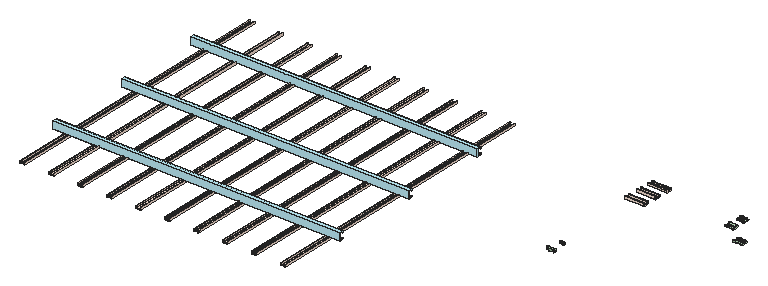
Revit family "ソエルWカバー(C75)", category 機械設備, Revit 2020
Family settings
  丸型コネクタ寸法 = 直径を使用
  種別 = なし
  パーツ タイプ = 標準
  作業面ベース = いいえ
  常に垂直 = はい
  ロード時にボイドで切り取り = いいえ
  共有 = いいえ
  部屋計算ポイント = いいえ
Parameters
  製造元 = "株式会社桐井製作所"
  既定の高さ = 0 mm
  URL = "https://www.kirii.co.jp/"
  K_名称 = "ソエルWカバー（C75）"
  K_バージョン情報 = "20231221"
Reference planes
  plane 1 "中心(正面/背面)": y = 0
  plane 2: z = 0
  plane 3 "中心(左/右)": x = 0
  plane 4: z = 19
Lines and regions (mm)
  model lines
    curve 1: line (3467.807, 3284.555, 0) -> (5717.807, 3284.555, 0)
    curve 2: line (5717.807, 2254.555, 0) -> (3467.807, 2254.555, 0)
    curve 3: line (3467.807, 3284.555, 0) -> (3467.807, 2254.555, 0)
    curve 4: line (3467.807, 2054.555, 0) -> (5217.807, 2054.555, 0)
    curve 5: line (5217.807, 1024.555, 0) -> (3467.807, 1024.555, 0)
    curve 6: line (3467.807, 2054.555, 0) -> (3467.807, 1024.555, 0)
    curve 7: line (5217.807, 2054.555, 0) -> (5217.807, 1024.555, 0)
    curve 8: line (5717.807, 3284.555, 0) -> (5717.807, 2254.555, 0)
    curve 9: line (5417.807, 2054.555, 0) -> (7167.807, 2054.555, 0)
    curve 10: line (7167.807, 1024.555, 0) -> (5417.807, 1024.555, 0)
    curve 11: line (5417.807, 2054.555, 0) -> (5417.807, 1024.555, 0)
    curve 12: line (7167.807, 2054.555, 0) -> (7167.807, 1024.555, 0)
Text (mm)
  text "ソエルWカバー(支持構造部:C75×45×15×2.3）" at (-488.376, 3567.466, 0), in view "{3D}"
  text "野縁および使用するジョイント" at (3607.293, 3147.828, 0), in view "{3D}"
  text "クリップ補強" at (3607.293, 1917.828, 0), in view "{3D}"
  text "・特殊15ｍｍクリップ" at (3707.619, 1735.328, 0), in view "{3D}"
  text "※「KIRII軽量下地材構造検討書集（ソエルWカバー）」の計算結果を参照し、天井仕様に反映下さい。" at (-488.376, 3427.466, 0), in view "{3D}"
  text "・ソエルWカバー" at (3707.619, 1584.078, 0), in view "{3D}"
  text "セルフドリリングビス" at (5557.293, 1917.828, 0), in view "{3D}"
  text "・KIRII耐震ビス\n（4.2×16)" at (5657.619, 1735.328, 0), in view "{3D}"
  text "・KIRI耐震ビス\n（4.8×25)" at (5657.619, 1370.328, 0), in view "{3D}"
  text "隣り合うジョイント位置は1ｍ以上離して千鳥状に配置する。" at (3707.619, 2345.395, -6.85), in view "{3D}"
  text "・CW-25" at (3707.619, 2804.31, -6.85), in view "{3D}"
  text "・CW-19" at (3707.619, 2954.31, -6.85), in view "{3D}"
  text "・25型Wバー（0.8）" at (3707.619, 2653.06, -6.85), in view "{3D}"
  text "+CW-25用ジョイント" at (4627.619, 2804.31, -6.85), in view "{3D}"
  text "+CW-19用ジョイント" at (4627.619, 2954.31, -6.85), in view "{3D}"
  text "+25型Wバー（0.8）ジョイント" at (4627.619, 2653.06, -6.85), in view "{3D}"
  text "ジョイント等の施工規定については、施工要領書をご確認下さい。\n●URL：ソエルWカバー\nhttps://www.kirii.co.jp/download/dw/sekou/sekou_soeru.pdf" at (5856.265, -594.786, -2970.01), in view "{3D}"
Dimensions and locks
  aligned and locked: level to plane 2
Nested families
  nested 1: "ソエルWカバー" at (25, 2427.754, 1.25) x (-1, 0, 0) z (0, 0, 1), type "ソエルWカバー"
  nested 2: "ソエルWカバー" at (328, 2427.754, 1.25) x (-1, 0, 0) z (0, 0, 1), type "ソエルWカバー"
  nested 3: "ソエルWカバー" at (631, 2427.754, 1.25) x (-1, 0, 0) z (0, 0, 1), type "ソエルWカバー"
  nested 4: "ソエルWカバー" at (934, 2427.754, 1.25) x (-1, 0, 0) z (0, 0, 1), type "ソエルWカバー"
  nested 5: "ソエルWカバー" at (1237, 2427.754, 1.25) x (-1, 0, 0) z (0, 0, 1), type "ソエルWカバー"
  nested 6: "ソエルWカバー" at (1540, 2427.754, 1.25) x (-1, 0, 0) z (0, 0, 1), type "ソエルWカバー"
  nested 7: "ソエルWカバー" at (1843, 2427.754, 1.25) x (-1, 0, 0) z (0, 0, 1), type "ソエルWカバー"
  nested 8: "ソエルWカバー" at (2146, 2427.754, 1.25) x (-1, 0, 0) z (0, 0, 1), type "ソエルWカバー"
  nested 9: "ソエルWカバー" at (2449, 2427.754, 1.25) x (-1, 0, 0) z (0, 0, 1), type "ソエルWカバー"
  nested 10: "ソエルWカバー" at (2752, 2427.754, 1.25) x (-1, 0, 0) z (0, 0, 1), type "ソエルWカバー"
  nested 11: "ソエルWカバー" at (25, 1527.754, 1.25) x (-1, 0, 0) z (0, 0, 1), type "ソエルWカバー"
  nested 12: "ソエルWカバー" at (328, 1527.754, 1.25) x (-1, 0, 0) z (0, 0, 1), type "ソエルWカバー"
  nested 13: "ソエルWカバー" at (631, 1527.754, 1.25) x (-1, 0, 0) z (0, 0, 1), type "ソエルWカバー"
  nested 14: "ソエルWカバー" at (934, 1527.754, 1.25) x (-1, 0, 0) z (0, 0, 1), type "ソエルWカバー"
  nested 15: "ソエルWカバー" at (1237, 1527.754, 1.25) x (-1, 0, 0) z (0, 0, 1), type "ソエルWカバー"
  nested 16: "ソエルWカバー" at (1540, 1527.754, 1.25) x (-1, 0, 0) z (0, 0, 1), type "ソエルWカバー"
  nested 17: "ソエルWカバー" at (1843, 1527.754, 1.25) x (-1, 0, 0) z (0, 0, 1), type "ソエルWカバー"
  nested 18: "ソエルWカバー" at (2146, 1527.754, 1.25) x (-1, 0, 0) z (0, 0, 1), type "ソエルWカバー"
  nested 19: "ソエルWカバー" at (2449, 1527.754, 1.25) x (-1, 0, 0) z (0, 0, 1), type "ソエルWカバー"
  nested 20: "ソエルWカバー" at (2752, 1527.754, 1.25) x (-1, 0, 0) z (0, 0, 1), type "ソエルWカバー"
  nested 21: "ソエルWカバー" at (25, 628.254, 1.25) x (-1, 0, 0) z (0, 0, 1), type "ソエルWカバー"
  nested 22: "ソエルWカバー" at (328, 628.254, 1.25) x (-1, 0, 0) z (0, 0, 1), type "ソエルWカバー"
  nested 23: "ソエルWカバー" at (631, 628.254, 1.25) x (-1, 0, 0) z (0, 0, 1), type "ソエルWカバー"
  nested 24: "ソエルWカバー" at (934, 628.254, 1.25) x (-1, 0, 0) z (0, 0, 1), type "ソエルWカバー"
  nested 25: "ソエルWカバー" at (1237, 628.254, 1.25) x (-1, 0, 0) z (0, 0, 1), type "ソエルWカバー"
  nested 26: "ソエルWカバー" at (1540, 628.254, 1.25) x (-1, 0, 0) z (0, 0, 1), type "ソエルWカバー"
  nested 27: "ソエルWカバー" at (1843, 628.254, 1.25) x (-1, 0, 0) z (0, 0, 1), type "ソエルWカバー"
  nested 28: "ソエルWカバー" at (2146, 628.254, 1.25) x (-1, 0, 0) z (0, 0, 1), type "ソエルWカバー"
  nested 29: "ソエルWカバー" at (2449, 628.254, 1.25) x (-1, 0, 0) z (0, 0, 1), type "ソエルWカバー"
  nested 30: "ソエルWカバー" at (2752, 628.254, 1.25) x (-1, 0, 0) z (0, 0, 1), type "ソエルWカバー"
  nested 31: "ソエルWカバー" at (4323.345, 1542.909, 1.25) x (-1, 0, 0) z (0, 0, 1), type "ソエルWカバー"
  nested 32: "CW-19用ジョイント" at (5227.658, 2913.211, 0), type "CW-19用ジョイント"
    with K_JIS外 no, K_JIS yes
  nested 33: "CW-25用ジョイント" at (5228.587, 2764.406, 0), type "CW-25用ジョイント"
    with K_JIS外 no, K_JIS yes
  nested 34: "CW-19" at (2752, 0, -19) x (0, 1, 0) z (0, 0, 1), type "CW-19"
    with K_長さ(mm) 3000 mm, K_JIS外 no, K_JIS yes
  nested 35: "CW-19" at (2449, 0, -19) x (0, 1, 0) z (0, 0, 1), type "CW-19"
    with K_長さ(mm) 3000 mm, K_JIS外 no, K_JIS yes
  nested 36: "CW-19" at (2146, 0, -19) x (0, 1, 0) z (0, 0, 1), type "CW-19"
    with K_長さ(mm) 3000 mm, K_JIS外 no, K_JIS yes
  nested 37: "CW-19" at (1843, 0, -19) x (0, 1, 0) z (0, 0, 1), type "CW-19"
    with K_長さ(mm) 3000 mm, K_JIS外 no, K_JIS yes
  nested 38: "CW-19" at (1540, 0, -19) x (0, 1, 0) z (0, 0, 1), type "CW-19"
    with K_長さ(mm) 3000 mm, K_JIS外 no, K_JIS yes
  nested 39: "CW-19" at (1237, 0, -19) x (0, 1, 0) z (0, 0, 1), type "CW-19"
    with K_長さ(mm) 3000 mm, K_JIS外 no, K_JIS yes
  nested 40: "CW-19" at (934, 0, -19) x (0, 1, 0) z (0, 0, 1), type "CW-19"
    with K_長さ(mm) 3000 mm, K_JIS外 no, K_JIS yes
  nested 41: "CW-19" at (631, 0, -19) x (0, 1, 0) z (0, 0, 1), type "CW-19"
    with K_長さ(mm) 3000 mm, K_JIS外 no, K_JIS yes
  nested 42: "CW-19" at (328, 0, -19) x (0, 1, 0) z (0, 0, 1), type "CW-19"
    with K_長さ(mm) 3000 mm, K_JIS外 no, K_JIS yes
  nested 43: "CW-19" at (25, 0, -19) x (0, 1, 0) z (0, 0, 1), type "CW-19"
    with K_長さ(mm) 3000 mm, K_JIS外 no, K_JIS yes
  nested 44: "CW-19" at (4262.587, 2912.277, 0), type "CW-19"
    with K_長さ(mm) 200 mm, K_JIS外 no, K_JIS yes
  nested 45: "CW-25" at (4262.587, 2764.406, 0), type "CW-25"
    with K_長さ(mm) 200 mm, K_JIS外 no, K_JIS yes
  nested 46: "25形Wバー(0.8)" at (4257.807, 2614.555, 0), type "25形Wバー(0.8)"
    with K_長さ(mm) 200 mm
  nested 47: "25形Wバー(0.8）ジョイント" at (5437.807, 2609.555, 0), type "25形Wバー(0.8）ジョイント"
  nested 48: "特殊15mmWクリップ" at (25, 2425.462, -8) x (-1, 0, 0) z (0, 0, 1), type "特殊15mmWクリップ"
  nested 49: "(JIS)75×45×15×2.3" at (-121, 2379.75, 0) x (0, 1, 0) z (1, 0, 0), type "(JIS)75×45×15×2.3"
    with K_長さ(mm) 3000 mm
  nested 50: "(JIS)75×45×15×2.3" at (-121, 1479.75, 0) x (0, 1, 0) z (1, 0, 0), type "(JIS)75×45×15×2.3"
    with K_長さ(mm) 3000 mm
  nested 51: "(JIS)75×45×15×2.3" at (-121, 580.25, 0) x (0, 1, 0) z (1, 0, 0), type "(JIS)75×45×15×2.3"
    with K_長さ(mm) 3000 mm
  nested 52: "特殊15mmWクリップ" at (328, 2425.462, -8) x (-1, 0, 0) z (0, 0, 1), type "特殊15mmWクリップ"
  nested 53: "特殊15mmWクリップ" at (328, 2425.462, -8) x (-1, 0, 0) z (0, 0, 1), type "特殊15mmWクリップ"
  nested 54: "特殊15mmWクリップ" at (631, 2425.462, -8) x (-1, 0, 0) z (0, 0, 1), type "特殊15mmWクリップ"
  nested 55: "特殊15mmWクリップ" at (934, 2425.462, -8) x (-1, 0, 0) z (0, 0, 1), type "特殊15mmWクリップ"
  nested 56: "特殊15mmWクリップ" at (1237, 2425.462, -8) x (-1, 0, 0) z (0, 0, 1), type "特殊15mmWクリップ"
  nested 57: "特殊15mmWクリップ" at (1540, 2425.462, -8) x (-1, 0, 0) z (0, 0, 1), type "特殊15mmWクリップ"
  nested 58: "特殊15mmWクリップ" at (1843, 2425.462, -8) x (-1, 0, 0) z (0, 0, 1), type "特殊15mmWクリップ"
  nested 59: "特殊15mmWクリップ" at (2146, 2425.462, -8) x (-1, 0, 0) z (0, 0, 1), type "特殊15mmWクリップ"
  nested 60: "特殊15mmWクリップ" at (2449, 2425.462, -8) x (-1, 0, 0) z (0, 0, 1), type "特殊15mmWクリップ"
  nested 61: "特殊15mmWクリップ" at (2752, 2425.462, -8) x (-1, 0, 0) z (0, 0, 1), type "特殊15mmWクリップ"
  nested 62: "特殊15mmWクリップ" at (25, 1525.462, -8) x (-1, 0, 0) z (0, 0, 1), type "特殊15mmWクリップ"
  nested 63: "特殊15mmWクリップ" at (328, 1525.462, -8) x (-1, 0, 0) z (0, 0, 1), type "特殊15mmWクリップ"
  nested 64: "特殊15mmWクリップ" at (328, 1525.462, -8) x (-1, 0, 0) z (0, 0, 1), type "特殊15mmWクリップ"
  nested 65: "特殊15mmWクリップ" at (631, 1525.462, -8) x (-1, 0, 0) z (0, 0, 1), type "特殊15mmWクリップ"
  nested 66: "特殊15mmWクリップ" at (934, 1525.462, -8) x (-1, 0, 0) z (0, 0, 1), type "特殊15mmWクリップ"
  nested 67: "特殊15mmWクリップ" at (1237, 1525.462, -8) x (-1, 0, 0) z (0, 0, 1), type "特殊15mmWクリップ"
  nested 68: "特殊15mmWクリップ" at (1540, 1525.462, -8) x (-1, 0, 0) z (0, 0, 1), type "特殊15mmWクリップ"
  nested 69: "特殊15mmWクリップ" at (1843, 1525.462, -8) x (-1, 0, 0) z (0, 0, 1), type "特殊15mmWクリップ"
  nested 70: "特殊15mmWクリップ" at (2146, 1525.462, -8) x (-1, 0, 0) z (0, 0, 1), type "特殊15mmWクリップ"
  nested 71: "特殊15mmWクリップ" at (2449, 1525.462, -8) x (-1, 0, 0) z (0, 0, 1), type "特殊15mmWクリップ"
  nested 72: "特殊15mmWクリップ" at (2752, 1525.462, -8) x (-1, 0, 0) z (0, 0, 1), type "特殊15mmWクリップ"
  nested 73: "特殊15mmWクリップ" at (25, 625.962, -8) x (-1, 0, 0) z (0, 0, 1), type "特殊15mmWクリップ"
  nested 74: "特殊15mmWクリップ" at (328, 625.962, -8) x (-1, 0, 0) z (0, 0, 1), type "特殊15mmWクリップ"
  nested 75: "特殊15mmWクリップ" at (328, 625.962, -8) x (-1, 0, 0) z (0, 0, 1), type "特殊15mmWクリップ"
  nested 76: "特殊15mmWクリップ" at (631, 625.962, -8) x (-1, 0, 0) z (0, 0, 1), type "特殊15mmWクリップ"
  nested 77: "特殊15mmWクリップ" at (934, 625.962, -8) x (-1, 0, 0) z (0, 0, 1), type "特殊15mmWクリップ"
  nested 78: "特殊15mmWクリップ" at (1237, 625.962, -8) x (-1, 0, 0) z (0, 0, 1), type "特殊15mmWクリップ"
  nested 79: "特殊15mmWクリップ" at (1540, 625.962, -8) x (-1, 0, 0) z (0, 0, 1), type "特殊15mmWクリップ"
  nested 80: "特殊15mmWクリップ" at (1843, 625.962, -8) x (-1, 0, 0) z (0, 0, 1), type "特殊15mmWクリップ"
  nested 81: "特殊15mmWクリップ" at (2146, 625.962, -8) x (-1, 0, 0) z (0, 0, 1), type "特殊15mmWクリップ"
  nested 82: "特殊15mmWクリップ" at (2449, 625.962, -8) x (-1, 0, 0) z (0, 0, 1), type "特殊15mmWクリップ"
  nested 83: "特殊15mmWクリップ" at (2752, 625.962, -8) x (-1, 0, 0) z (0, 0, 1), type "特殊15mmWクリップ"
  nested 84: "特殊15mmWクリップ" at (4319.912, 1694.333, -8) x (-1, 0, 0) z (0, 0, 1), type "特殊15mmWクリップ"
Definition of nested family "ソエルWカバー"
  Parameters (values of type "ソエルWカバー")
    Manufacturer = "株式会社桐井製作所"
    Default Elevation = 0 mm
    URL = "https://www.kirii.co.jp/"
    K_許容荷重(鉛直)(N) = 660
    K_許容荷重(水平)(N) = 250
    K_板厚(mm) = 1.2 mm
    K_材質 = "SGCC"
    K_品名 = "ソエルWカバー"
    K_名称 = "野縁直付天井用クリップ補強金具"
    K_入数 = "100"
    K_バージョン情報 = "20211216"
    K_めっき付着量 = "Z12"
    K_JIS規格 = "JIS G 3302"
  Reference planes
    plane 1 "中心(正面/背面)": y = 0
    plane 2: z = 0
    plane 3 "中心(左/右)": x = 0
  Forms (mm)
    Extrusion 1, solid
      sketch origin (0, -8.287, 0) x (1, 0, 0) y (0, 0, 1)
        loop
          arc (-23.8, 0) -> (-25.497, -0.703) -> (-26.2, -2.4) r 2.4
          line (-26.2, -2.4) -> (-26.2, -16.2) -> (-25, -16.2) -> (-25, -2.4)
          arc (-25, -2.4) -> (-24.649, -1.551) -> (-23.8, -1.2) r 1.2
          line (-23.8, -1.2) -> (23.8, -1.2)
          arc (23.8, -1.2) -> (24.649, -1.551) -> (25, -2.4) r 1.2
          line (25, -2.4) -> (25, -16.2) -> (26.2, -16.2) -> (26.2, -2.4)
          arc (26.2, -2.4) -> (25.497, -0.703) -> (23.8, 0) r 2.4
          line (23.8, 0) -> (-23.8, 0)
      from -7.087 to 12.913
    Extrusion 2, void
      sketch origin (0, -1.2, 0) x (0, 1, 0) y (0, 0, 1)
        loop
          line (-5, -16.2) -> (0, -16.2) -> (0, -6.2) -> (-5, -16.2)
      from -26.2 to 26.2
    Extrusion 3, solid
      sketch origin (0, -1.2, 0) x (1, 0, 0) y (0, 0, 1)
        loop
          line (45, 28.8) -> (-45, 28.8) -> (-45, 21.8) -> (-22.801, 21.8) -> (-32.5, 5) -> (-32.5, 0) -> (32.5, 0) -> (32.5, 5) -> (22.801, 21.8) -> (45, 21.8) -> (45, 28.8)
      from -2.4 to -1.2
    Extrusion 4, solid
      sketch origin (0, -1.2, 0) x (0, 1, 0) y (0, 0, 1)
        loop
          line (-20, -1.2) -> (1.2, -1.2)
          arc (1.2, -1.2) -> (2.049, -0.849) -> (2.4, 0) r 1.2
          line (2.4, 0) -> (-20, 0) -> (-20, -1.2)
      from -23.8 to 23.807
    Extrusion 5, void
      sketch origin (0, -1.2, 0) x (0, 1, 0) y (0, 0, 1)
        loop
          circle (-10, -8.7) r 2.25
      from 25 to 26.2
    Extrusion 6, void
      sketch origin (0, -1.2, 0) x (0, 1, 0) y (0, 0, 1)
        loop
          circle (-10, -8.7) r 2.25
      from -26.2 to -25
    Extrusion 7, void
      sketch origin (0, -1.2, 0) x (1, 0, 0) y (0, 0, 1)
        loop
          circle (-18, 4) r 1
        loop
          circle (18, 4) r 1
        loop
          circle (0, 8.8) r 2.25
      from -2.4 to -1.2
    Extrusion 8, solid
      sketch origin (0, 0, 0) x (0, 1, 0) y (0, 0, 1)
        loop
          line (6.9, 1.8) -> (6.9, 19.792)
          arc (6.9, 19.792) -> (6.619, 20.564) -> (5.907, 20.974) r 1.2
          line (5.907, 20.974) -> (1.2, 21.8) -> (0, 21.8)
          arc (0, 21.8) -> (0.281, 21.028) -> (0.993, 20.618) r 1.2
          line (0.993, 20.618) -> (5.7, 19.792) -> (5.7, 1.8) -> (6.9, 1.8)
      from -45 to 45
    Extrusion 9, void
      sketch origin (0, 0, 0) x (1, 0, 0) y (0, 0, 1)
        loop
          line (-40, 1.8) -> (40, 1.8) -> (28.453, 21.8) -> (-28.453, 21.8) -> (-40, 1.8)
      from -6.9 to -1.2
    Extrusion 10, void
      sketch origin (0, 0, 0) x (1, 0, 0) y (0, 0, 1)
        loop
          circle (-29.497, 3) r 1.597
        loop
          circle (29.497, 3) r 1.603
      from -0.649 to 0
  Cuts and joins
    Extrusion 2, Extrusion 5, Extrusion 6 cuts Extrusion 1
    Extrusion 7, Extrusion 9, Extrusion 10 cuts Extrusion 3
    Extrusion 10 cuts Extrusion 4
    Extrusion 9, Extrusion 10 cuts Extrusion 8
    joined: Extrusion 3, Extrusion 4, Extrusion 8
  Dimensions and locks
    aligned and locked: level to plane 2
    aligned and locked: plane 1 "中心(正面/背面)" to Extrusion 10
Definition of nested family "CW-19用ジョイント"
  Parameters (values of type "CW-19用ジョイント")
    Manufacturer = "株式会社桐井製作所"
    Default Elevation = 0 mm
    URL = "https://www.kirii.co.jp/"
    K_材質 = "SGCC　一般用"
    K_品名 = "CW-19用ジョイント"
    K_名称 = "野縁ジョイント"
    K_単位質量(kg/個) = 0.029
    K_入数 = "200"
    K_バージョン情報 = "20210524"
    K_めっき付着量 = "Z12"
    K_JIS規格 = "JIS G 3302"
    K_JIS外 [instance] = not(K_JIS)  # no
    K_JIS [instance] = yes
  Reference planes
    plane 1 "中心(正面/背面)": y = 0
    plane 2: z = 0
    plane 3 "中心(左/右)": x = 0
  Forms (mm)
    Extrusion 1, solid
      sketch origin (0, 0, 0) x (0, 1, 0) y (0, 0, 1)
        loop
          line (20.385, 4.53) -> (-20.385, 4.53) -> (-21.352, 1.547)
          arc (-21.352, 1.547) -> (-22.967, 0.546) -> (-24.22, 1.976) r 1.47
          line (-24.22, 1.976) -> (-24.459, 16.547) -> (-25, 17.191) -> (-24.75, 1.967)
          arc (-24.75, 1.967) -> (-23.046, 0.022) -> (-20.847, 1.384) r 2
          line (-20.847, 1.384) -> (-20, 4) -> (20, 4) -> (20.847, 1.384)
          arc (20.847, 1.384) -> (23.046, 0.022) -> (24.75, 1.967) r 2
          line (24.75, 1.967) -> (25, 17.191) -> (24.459, 16.547) -> (24.22, 1.976)
          arc (24.22, 1.976) -> (22.967, 0.546) -> (21.352, 1.547) r 1.47
          line (21.352, 1.547) -> (20.385, 4.53)
      from -42.5 to 42.5
    Extrusion 2, solid
      sketch origin (0, -13.587, -0.882) x (0, 0.997137, -0.075613) y (0, 0.075613, 0.997137)
        loop
          arc (-12.378, 13.168) -> (-15.089, 9.905) -> (-11.826, 7.194) r 3
          line (-11.826, 7.194) -> (-12.378, 13.168)
      from -0.5 to 0
    Extrusion 3, void
      sketch origin (0, -13.071, 0.1) x (1, 0, 0) y (0, -0.008054, 0.999968)
        loop
          arc (0, 7.2) -> (3, 10.2) -> (0, 13.2) r 3
          line (0, 13.2) -> (0, 7.2)
      from 11 to 12
    Extrusion 4, void
      sketch origin (0, 0, 0) x (1, 0, 0) y (0, 0, 1)
        loop
          line (31.511, 17.191) -> (41.4, 9.1)
          arc (41.4, 9.1) -> (42.211, 8.063) -> (42.5, 6.778) r 3
          line (42.5, 6.778) -> (42.5, 17.191) -> (31.511, 17.191)
        loop
          line (-42.5, 17.191) -> (-42.5, 6.778)
          arc (-42.5, 6.778) -> (-42.211, 8.063) -> (-41.4, 9.1) r 3
          line (-41.4, 9.1) -> (-31.511, 17.191) -> (-42.5, 17.191)
      from -26 to 26
  Cuts and joins
    Extrusion 3, Extrusion 4 cuts Extrusion 1
    joined: Extrusion 1, Extrusion 2
  Dimensions and locks
    aligned and locked: level to plane 2
Definition of nested family "CW-25用ジョイント"
  Parameters (values of type "CW-25用ジョイント")
    Manufacturer = "株式会社桐井製作所"
    Default Elevation = 0 mm
    URL = "https://www.kirii.co.jp/"
    K_材質 = "SGCC　一般用"
    K_品名 = "CW-25用ジョイント"
    K_名称 = "野縁ジョイント"
    K_単位質量(kg/個) = 0.037
    K_入数 = "160"
    K_バージョン情報 = "20210524"
    K_めっき付着量 = "Z12"
    K_JIS規格 = "JIS G 3302"
    K_JIS外 [instance] = not(K_JIS)  # no
    K_JIS [instance] = yes
  Reference planes
    plane 1 "中心(正面/背面)": y = 0
    plane 2: z = 0
    plane 3 "中心(左/右)": x = 0
  Forms (mm)
    Extrusion 1, solid
      sketch origin (0, 0, 0.154) x (0, 1, 0) y (0, 0, 1)
        loop
          line (-17.76, 3.009) -> (0, 3.009) -> (17.76, 3.009)
          arc (17.76, 3.009) -> (21.125, 0.011) -> (24.25, 3.259) r 3.25
          line (24.25, 3.259) -> (26, 22.64) -> (25.448, 22.088) -> (23.702, 2.745)
          arc (23.702, 2.745) -> (20.955, 0.509) -> (18.283, 2.833) r 2.75
          arc (18.283, 2.833) -> (18.013, 3.317) -> (17.493, 3.509) r 0.8
          line (17.493, 3.509) -> (0, 3.509) -> (-17.493, 3.509)
          arc (-17.493, 3.509) -> (-18.013, 3.317) -> (-18.283, 2.833) r 0.8
          arc (-18.283, 2.833) -> (-20.955, 0.509) -> (-23.702, 2.745) r 2.75
          line (-23.702, 2.745) -> (-25.449, 22.093) -> (-26.001, 22.645) -> (-24.25, 3.259)
          arc (-24.25, 3.259) -> (-21.125, 0.011) -> (-17.76, 3.009) r 3.25
      from -46 to 46
    Extrusion 2, solid
      sketch origin (0.25, -13.587, -0.748) x (0, 0.997137, -0.075613) y (0, 0.075613, 0.997137)
        loop
          arc (-13.166, 16.596) -> (-15.63, 13.142) -> (-12.176, 10.678) r 3
          line (-12.176, 10.678) -> (-13.166, 16.596)
      from -0.5 to 0
    Extrusion 3, void
      sketch origin (-0.27, -13.382, 23.939) x (-1, 0, 0) y (0, -0.008054, -0.999968)
        loop
          arc (-0.02, 7.239) -> (2.974, 10.239) -> (-0.02, 13.239) r 3
          line (-0.02, 13.239) -> (-0.02, 7.239)
      from 10.527 to 12.242
    Extrusion 4, void
      sketch origin (0, 0, 0) x (1, 0, 0) y (0, 0, 1)
        loop
          arc (44.462, 18.434) -> (45.58, 17.513) -> (46, 16.126) r 2.5
          line (46, 16.126) -> (46, 22.793) -> (33, 22.793)
          arc (33, 22.793) -> (33.981, 22.696) -> (34.923, 22.408) r 5
          line (34.923, 22.408) -> (44.462, 18.434)
        loop
          arc (-34.923, 22.408) -> (-33.981, 22.696) -> (-33, 22.793) r 5
          line (-33, 22.793) -> (-46, 22.793) -> (-46, 16.126)
          arc (-46, 16.126) -> (-45.58, 17.513) -> (-44.462, 18.434) r 2.5
          line (-44.462, 18.434) -> (-34.923, 22.408)
      from -26.529 to 26.374
  Cuts and joins
    Extrusion 3, Extrusion 4 cuts Extrusion 1
    joined: Extrusion 1, Extrusion 2
  Dimensions and locks
    aligned and locked: level to plane 2
Definition of nested family "CW-19"
  Parameters (values of type "CW-19")
    Manufacturer = "株式会社桐井製作所"
    Default Elevation = 0 mm
    URL = "https://www.kirii.co.jp/"
    K_長さ(mm) [instance] = 1000 mm
    K_材質 = "SGCC　一般用"
    K_断面積A(mm2) = 49
    K_断面係数Zy(mm3) = 768.8
    K_断面係数Zx(mm3) = 184.8
    K_断面2次半径iy(mm) = 19.8
    K_断面2次半径ix(mm) = 7
    K_断面2次モーメントIy(mm4) = 19220
    K_断面2次モーメントIx(mm4) = 2395
    K_外形寸法(mm) = "19×50×0.5"
    K_品名 = "CW-19"
    K_名称 = "野縁"
    K_単位質量(kg/m) = 0.403
    K_ヤング係数E(N/mm2) = 205000
    K_バージョン情報 = "20210524"
    K_めっき付着量 = "Z12"
    K_JIS規格 = "JIS G 3302"
    K_JIS外 [instance] = not(K_JIS)  # no
    K_JIS [instance] = yes
  Reference planes
    plane 1 "中心(正面/背面)": y = 0
    plane 2: z = 0
    plane 3 "中心(左/右)": x = 0
    plane 4: x = 1000
    plane 5: y = 25
    plane 6: y = -25
    plane 7: z = 19
  Forms (mm)
    Extrusion 1, solid
      sketch origin (0, 0, 0) x (0, -1, 0) y (0, 0, 1)
        loop
          line (-25, 0) -> (-20.2, 0) -> (-19.052, 0.5) -> (-11.148, 0.5) -> (-10, 0) -> (10, 0) -> (11.148, 0.5) -> (19.052, 0.5) -> (20.2, 0) -> (25, 0) -> (25, 19) -> (21, 19) -> (21, 16.246) -> (21.5, 15.532) -> (21.5, 18.5) -> (24.5, 18.5) -> (24.5, 0.5) -> (20.304, 0.5) -> (19.156, 1) -> (11.044, 1) -> (9.896, 0.5) -> (-9.896, 0.5) -> (-11.044, 1) -> (-19.156, 1) -> (-20.304, 0.5) -> (-24.5, 0.5) -> (-24.5, 18.5) -> (-21.5, 18.5) -> (-21.5, 15.532) -> (-21, 16.246) -> (-21, 19) -> (-25, 19) -> (-25, 0)
      from 0 to -1000
    Extrusion 2, void
      sketch origin (0, 0, 0) x (0, 1, 0) y (0, 0, 1)
        loop
          line (-21.893, 16.282) -> (-21.893, 14.539) -> (22.033, 14.539) -> (22.033, 16.282) -> (-21.893, 16.282)
      from 0 to 1000
  Cuts and joins
    Extrusion 2 cuts Extrusion 1
  Dimensions and locks
    "K_長さ(mm)": plane 3 "中心(左/右)" to plane 4
    aligned and locked: level to plane 2
    aligned and locked: plane 4 to Extrusion 1
    aligned and locked: Extrusion 1 to Extrusion 2
    aligned and locked: Extrusion 2 to plane 3 "中心(左/右)"
  Automatic sketch dimensions
    plane 6 to Extrusion 2 sketch curve = 3.107 mm
    Extrusion 2 sketch curve to plane 5 = 2.967 mm
    Extrusion 2 sketch curve to Extrusion 2 sketch curve = 1.744 mm
    Extrusion 2 sketch curve to plane 7 = 4.461 mm
    Extrusion 1 sketch curve to level = 0 mm  (x3)
    Extrusion 1 sketch curve to plane 5 = 0 mm
    Extrusion 1 sketch curve to plane 6 = 0 mm
    Extrusion 1 sketch curve to plane 5 = 0.5 mm
    Extrusion 1 sketch curve to plane 5 = 3.5 mm
    Extrusion 1 sketch curve to Extrusion 1 sketch curve = 0.5 mm  (x2)
    level to Extrusion 1 sketch curve = 0.5 mm  (x5)
    Extrusion 1 sketch curve to Extrusion 1 sketch curve = 4.196 mm
    Extrusion 1 sketch curve to Extrusion 1 sketch curve = 0.104 mm  (x8)
    level to Extrusion 1 sketch curve = 1 mm  (x2)
    Extrusion 1 sketch curve to Extrusion 1 sketch curve = 1.148 mm  (x4)
    Extrusion 1 sketch curve to Extrusion 1 sketch curve = 7.903 mm
    plane 1 "中心(正面/背面)" to Extrusion 1 sketch curve = 9.896 mm
    plane 6 to Extrusion 1 sketch curve = 5.948 mm
    plane 6 to Extrusion 1 sketch curve = 4 mm
    plane 6 to Extrusion 1 sketch curve = 0.5 mm
    Extrusion 1 sketch curve to plane 7 = 3.468 mm  (x2)
    Extrusion 1 sketch curve to Extrusion 1 sketch curve = 0.714 mm  (x2)
    Extrusion 1 sketch curve to plane 7 = 0.5 mm  (x2)
    Extrusion 1 sketch curve to plane 7 = 0 mm  (x2)
Definition of nested family "CW-25"
  Parameters (values of type "CW-25")
    Manufacturer = "株式会社桐井製作所"
    Default Elevation = 0 mm
    URL = "https://www.kirii.co.jp/"
    K_長さ(mm) [instance] = 1000 mm
    K_材質 = "SGCC　一般用"
    K_断面積A(mm2) = 55
    K_断面係数Zy(mm3) = 921.6
    K_断面係数Zx(mm3) = 276.5
    K_断面2次半径iy(mm) = 20.5
    K_断面2次半径ix(mm) = 9.1
    K_断面2次モーメントIy(mm4) = 23040
    K_断面2次モーメントIx(mm4) = 4578
    K_外形寸法(mm) = "25×50×0.5"
    K_品名 = "CW-25"
    K_名称 = "野縁"
    K_単位質量(kg/m) = 0.452
    K_ヤング係数E(N/mm2) = 205000
    K_バージョン情報 = "20210524"
    K_めっき付着量 = "Z12"
    K_JIS規格 = "JIS G 3302"
    K_JIS外 [instance] = not(K_JIS)  # no
    K_JIS [instance] = yes
  Reference planes
    plane 1 "中心(正面/背面)": y = 0
    plane 2: z = 0
    plane 3 "中心(左/右)": x = 0
    plane 4: x = 1000
    plane 5: z = 25
    plane 6: y = 25
    plane 7: y = -25
  Forms (mm)
    Extrusion 1, solid
      sketch origin (0, 0, 0) x (0, -1, 0) y (0, 0, 1)
        loop
          line (-25, 0) -> (-20.2, 0) -> (-19.052, 0.5) -> (-11.148, 0.5) -> (-10, 0) -> (10, 0) -> (11.148, 0.5) -> (19.052, 0.5) -> (20.2, 0) -> (25, 0) -> (25, 25) -> (21, 25) -> (21, 22.3) -> (21.5, 21.586) -> (21.5, 24.5) -> (24.5, 24.5) -> (24.5, 0.5) -> (20.304, 0.5) -> (19.156, 1) -> (11.044, 1) -> (9.896, 0.5) -> (-9.896, 0.5) -> (-11.044, 1) -> (-19.156, 1) -> (-20.304, 0.5) -> (-24.5, 0.5) -> (-24.5, 24.5) -> (-21.5, 24.5) -> (-21.5, 21.586) -> (-21, 22.3) -> (-21, 25) -> (-25, 25) -> (-25, 0)
      from 0 to -1000
    Extrusion 2, void
      sketch origin (0, 0, 0) x (0, 1, 0) y (0, 0, 1)
        loop
          line (-21.893, 22.336) -> (-21.893, 20.592) -> (22.033, 20.592) -> (22.033, 22.336) -> (-21.893, 22.336)
      from 0 to 1000
  Cuts and joins
    Extrusion 2 cuts Extrusion 1
  Dimensions and locks
    plane 5 to level = 25 mm
    "K_長さ(mm)": plane 3 "中心(左/右)" to plane 4
    aligned and locked: level to plane 2
    aligned and locked: plane 4 to Extrusion 1
    aligned and locked: Extrusion 1 to Extrusion 2
    aligned and locked: Extrusion 2 to plane 3 "中心(左/右)"
  Automatic sketch dimensions
    Extrusion 1 sketch curve to level = 0 mm  (x3)
    Extrusion 1 sketch curve to plane 6 = 0 mm
    Extrusion 1 sketch curve to plane 5 = 0 mm  (x2)
    Extrusion 1 sketch curve to plane 7 = 0 mm
    Extrusion 1 sketch curve to plane 6 = 0.5 mm
    Extrusion 1 sketch curve to plane 5 = 0.5 mm  (x2)
    Extrusion 1 sketch curve to Extrusion 1 sketch curve = 3 mm
    Extrusion 1 sketch curve to Extrusion 1 sketch curve = 0.5 mm  (x2)
    level to Extrusion 1 sketch curve = 0.5 mm  (x5)
    Extrusion 1 sketch curve to Extrusion 1 sketch curve = 4.196 mm
    Extrusion 1 sketch curve to Extrusion 1 sketch curve = 0.104 mm  (x8)
    level to Extrusion 1 sketch curve = 1 mm  (x2)
    Extrusion 1 sketch curve to Extrusion 1 sketch curve = 1.148 mm  (x4)
    Extrusion 1 sketch curve to Extrusion 1 sketch curve = 7.903 mm
    plane 1 "中心(正面/背面)" to Extrusion 1 sketch curve = 9.896 mm
    plane 7 to Extrusion 1 sketch curve = 5.948 mm
    plane 7 to Extrusion 1 sketch curve = 4 mm
    plane 7 to Extrusion 1 sketch curve = 0.5 mm
    Extrusion 1 sketch curve to plane 5 = 3.414 mm
    Extrusion 1 sketch curve to Extrusion 1 sketch curve = 0.714 mm  (x2)
    Extrusion 1 sketch curve to Extrusion 1 sketch curve = 2.2 mm
    plane 7 to Extrusion 2 sketch curve = 3.107 mm
    Extrusion 2 sketch curve to plane 6 = 2.967 mm
    Extrusion 2 sketch curve to plane 5 = 4.408 mm
    Extrusion 2 sketch curve to Extrusion 2 sketch curve = 1.744 mm
Definition of nested family "25形Wバー(0.8)"
  Parameters (values of type "25形Wバー(0.8)")
    Manufacturer = "株式会社桐井製作所"
    Default Elevation = 0 mm
    URL = "https://www.kirii.co.jp/"
    K_長さ(mm) [instance] = 1000 mm
    K_材質 = "SGCC一般用　SGC340~570高強度一般用"
    K_断面積A(mm2) = 86.4
    K_断面係数Zy(mm3) = 1434
    K_断面係数Zx(mm3) = 410
    K_断面2次半径iy(mm) = 20.4
    K_断面2次半径ix(mm) = 8.9
    K_断面2次モーメントIy(mm4) = 35870
    K_断面2次モーメントIx(mm4) = 6852
    K_外形寸法(mm) = "25×50×0.8"
    K_品名 = "25形Wバー(0.8)"
    K_名称 = "一般野縁"
    K_単位質量(kg/m) = 0.698
    K_ヤング係数E(N/mm2) = 205000
    K_バージョン情報 = "20210714"
    K_めっき付着量 = "Z12"
    K_JIS規格 = "JIS G 3302"
  Reference planes
    plane 1 "中心(正面/背面)": y = 0
    plane 2: z = 0
    plane 3 "中心(左/右)": x = 0
    plane 4: x = 1000
    plane 5: z = 25
    plane 6: y = 25
    plane 7: y = -25
  Forms (mm)
    Extrusion 1, solid
      sketch origin (0, 0, 0) x (0, -1, 0) y (0, 0, 1)
        loop
          line (-25, 0) -> (-20.2, 0) -> (-19.052, 0.5) -> (-11.148, 0.5) -> (-10, 0) -> (10, 0) -> (11.148, 0.5) -> (19.052, 0.5) -> (20.2, 0) -> (25, 0) -> (25, 25) -> (20, 25) -> (20, 22) -> (20.8, 22) -> (20.8, 24.2) -> (24.2, 24.2) -> (24.2, 0.8) -> (20.367, 0.8) -> (19.218, 1.3) -> (10.982, 1.3) -> (9.833, 0.8) -> (-9.833, 0.8) -> (-10.982, 1.3) -> (-19.218, 1.3) -> (-20.367, 0.8) -> (-24.2, 0.8) -> (-24.2, 24.2) -> (-20.8, 24.2) -> (-20.8, 22) -> (-20, 22) -> (-20, 25) -> (-25, 25) -> (-25, 0)
      from 0 to -1000
  Dimensions and locks
    plane 5 to level = 25 mm
    "K_長さ(mm)": plane 3 "中心(左/右)" to plane 4
    aligned and locked: level to plane 2
    aligned and locked: plane 4 to Extrusion 1
  Automatic sketch dimensions
    Extrusion 1 sketch curve to level = 0 mm  (x3)
    Extrusion 1 sketch curve to plane 6 = 0 mm
    Extrusion 1 sketch curve to plane 5 = 0 mm  (x2)
    Extrusion 1 sketch curve to plane 7 = 0 mm
    Extrusion 1 sketch curve to plane 6 = 0.8 mm
    Extrusion 1 sketch curve to plane 5 = 0.8 mm  (x2)
    Extrusion 1 sketch curve to Extrusion 1 sketch curve = 3.4 mm
    Extrusion 1 sketch curve to Extrusion 1 sketch curve = 0.8 mm  (x2)
    Extrusion 1 sketch curve to Extrusion 1 sketch curve = 4 mm
    level to Extrusion 1 sketch curve = 1.3 mm  (x2)
    Extrusion 1 sketch curve to Extrusion 1 sketch curve = 0.982 mm  (x2)
    level to Extrusion 1 sketch curve = 0.5 mm  (x2)
    Extrusion 1 sketch curve to Extrusion 1 sketch curve = 0.167 mm  (x8)
    Extrusion 1 sketch curve to Extrusion 1 sketch curve = 7.903 mm
    Extrusion 1 sketch curve to Extrusion 1 sketch curve = 1.148 mm  (x2)
    plane 1 "中心(正面/背面)" to Extrusion 1 sketch curve = 10 mm
    plane 7 to Extrusion 1 sketch curve = 5.948 mm
    Extrusion 1 sketch curve to Extrusion 1 sketch curve = 5 mm
    plane 7 to Extrusion 1 sketch curve = 0.8 mm
    level to Extrusion 1 sketch curve = 0.8 mm  (x3)
    Extrusion 1 sketch curve to plane 5 = 3 mm
    Extrusion 1 sketch curve to Extrusion 1 sketch curve = 2.2 mm
Definition of nested family "25形Wバー(0.8）ジョイント"
  Parameters (values of type "25形Wバー(0.8）ジョイント")
    Manufacturer = "株式会社桐井製作所"
    Default Elevation = 0 mm
    URL = "https://www.kirii.co.jp/"
    K_品名 = "25型Wバー(0.8)ジョイント"
    K_名称 = "特殊ジョイント"
    K_入数 = "200"
    K_バージョン情報 = "20100714"
  Reference planes
    plane 1 "中心(正面/背面)": y = 0
    plane 2: z = 0
    plane 3 "中心(左/右)": x = 0
  Forms (mm)
    Extrusion 1, solid
      sketch origin (0, 0, 0.237) x (0, 1, 0) y (0, 0, 1)
        loop
          line (-24.995, 22.818) -> (-25.527, 23.41) -> (-24.427, 3.096)
          arc (-24.427, 3.096) -> (-20.737, -0.177) -> (-17.088, 3.142) r 3.691
          line (-17.088, 3.142) -> (-17, 4.825) -> (17, 4.825) -> (17.088, 3.142)
          arc (17.088, 3.142) -> (20.737, -0.177) -> (24.427, 3.096) r 3.691
          line (24.427, 3.096) -> (25.527, 23.41) -> (24.995, 22.818) -> (23.929, 3.138)
          arc (23.929, 3.138) -> (20.739, 0.323) -> (17.587, 3.18) r 3.191
          line (17.587, 3.18) -> (17.524, 4.377)
          arc (17.524, 4.377) -> (17.214, 5.05) -> (16.526, 5.325) r 1
          line (16.526, 5.325) -> (0, 5.325) -> (-16.526, 5.325)
          arc (-16.526, 5.325) -> (-17.214, 5.05) -> (-17.524, 4.377) r 1
          line (-17.524, 4.377) -> (-17.587, 3.18)
          arc (-17.587, 3.18) -> (-20.739, 0.323) -> (-23.929, 3.138) r 3.191
          line (-23.929, 3.138) -> (-24.995, 22.818)
      from -43.5 to 56.5
    Extrusion 2, void
      sketch origin (-0.27, 14.725, 24.794) x (-1, 0, 0) y (0, 0.091008, 0.99585)
        loop
          line (-2.073, -6.857) -> (-6.27, -6.857) -> (-6.27, -13.382) -> (-2.073, -13.382)
          arc (-2.073, -13.382) -> (-1.717, -13.234) -> (-1.57, -12.879) r 0.503
          line (-1.57, -12.879) -> (-1.57, -7.361)
          arc (-1.57, -7.361) -> (-1.717, -7.005) -> (-2.073, -6.857) r 0.504
      from 10.351 to 11.91
    Extrusion 3, void
      sketch origin (0, 0, 0.084) x (1, 0, 0) y (0, 0, 1)
        loop
          line (-43.5, 14.981) -> (-24.84, 23.75) -> (-43.5, 23.75) -> (-43.5, 14.981)
      from 22.635 to 25.948
    Extrusion 4, void
      sketch origin (0, 0, 0.084) x (1, 0, 0) y (0, 0, -1)
        loop
          line (-25.236, -23.563) -> (-43.5, -14.981) -> (-43.5, -23.563) -> (-25.236, -23.563)
      from 22.635 to 25.948
    Extrusion 5, void
      sketch origin (0, 0, 0.084) x (-1, 0, 0) y (0, 0, -1)
        loop
          line (-56.5, -14.981) -> (-56.5, -23.563) -> (-38.174, -23.563) -> (-56.5, -14.981)
      from 22.635 to 25.948
    Extrusion 6, void
      sketch origin (0, 0, 0.084) x (-1, 0, 0) y (0, 0, 1)
        loop
          line (-56.5, 14.981) -> (-38.174, 23.563) -> (-56.5, 23.563) -> (-56.5, 14.981)
      from 22.635 to 25.948
    Extrusion 7, void
      sketch origin (0, 1.237, -1.188) x (0, 0.99863, 0.052336) y (0, -0.052336, 0.99863)
        loop
          line (24.775, 22.953) -> (25.723, 22.904) -> (25.769, 23.778) -> (24.82, 23.827) -> (24.775, 22.953)
      from -26.5 to 39.5
    Extrusion 8, void
      sketch origin (0, -49.251, -1.188) x (0, 0.99863, 0.052336) y (0, -0.052336, 0.99863)
        loop
          line (24.695, 22.954) -> (25.751, 22.898) -> (25.799, 23.821) -> (24.744, 23.876) -> (24.695, 22.954)
      from -30.88 to 39.5
    Extrusion 9, solid
      sketch origin (1.8, 13.601, -0.622) x (0, -0.997137, -0.075613) y (0, 0.075613, -0.997137)
        loop
          line (-12.369, -16.715) -> (-11.527, -10.269) -> (-15.989, -9.687)
          arc (-15.989, -9.687) -> (-16.359, -9.786) -> (-16.55, -10.118) r 0.5
          line (-16.55, -10.118) -> (-17.262, -15.572)
          arc (-17.262, -15.572) -> (-17.162, -15.941) -> (-16.831, -16.132) r 0.5
          line (-16.831, -16.132) -> (-12.369, -16.715)
      from -0.5 to 0
  Cuts and joins
    Extrusion 2, Extrusion 3, Extrusion 4, Extrusion 5, Extrusion 6, Extrusion 7, Extrusion 8 cuts Extrusion 1
  Dimensions and locks
    aligned and locked: level to plane 2
Definition of nested family "特殊15mmWクリップ"
  Parameters (values of type "特殊15mmWクリップ")
    Manufacturer = "株式会社桐井製作所"
    Default Elevation = 0 mm
    URL = "https://www.kirii.co.jp/"
    K_品名 = "特殊15mmWクリップ"
    K_名称 = "特殊クリップ"
    K_入数 = "1000"
    K_バージョン情報 = "20211012"
  Reference planes
    plane 1 "中心(正面/背面)": y = 0
    plane 2: z = 0
    plane 3 "中心(左/右)": x = 0
  Forms (mm)
    Extrusion 1, solid
      sketch origin (0, 30, 0) x (0, 1, 0) y (0, 0, 1)
        loop
          line (-30, 0) -> (-29.4, -0.6) -> (-29.4, 21.75)
          arc (-29.4, 21.75) -> (-29.034, 22.634) -> (-28.15, 23) r 1.25
          line (-28.15, 23) -> (-26.25, 23)
          arc (-26.25, 23) -> (-25.79, 22.81) -> (-25.6, 22.35) r 0.65
          line (-25.6, 22.35) -> (-25.6, 11.15) -> (-25, 11.75) -> (-25, 22.35)
          arc (-25, 22.35) -> (-25.366, 23.234) -> (-26.25, 23.6) r 1.25
          line (-26.25, 23.6) -> (-28.75, 23.6)
          arc (-28.75, 23.6) -> (-29.634, 23.234) -> (-30, 22.35) r 1.25
          line (-30, 22.35) -> (-30, 0)
      from -27.5 to 27.5
    Extrusion 2, void
      sketch origin (0, 0, 0) x (1, 0, 0) y (0, 0, 1)
        loop
          line (17.75, 8.6) -> (17.75, 4)
          arc (17.75, 4) -> (18.491, 3.034) -> (19.616, 3.5) r 1
          line (19.616, 3.5) -> (21.902, 7.406)
          arc (21.902, 7.406) -> (22.798, 8.015) -> (23.75, 7.5) r 1.042
          line (23.75, 7.5) -> (23.75, 3)
          arc (23.75, 3) -> (22.871, 0.879) -> (20.75, 0) r 3
          line (20.75, 0) -> (27.5, 0) -> (27.5, 17.6) -> (17.75, 8.6)
        loop
          line (-17.75, 8.6) -> (-27.5, 17.6) -> (-27.5, 0) -> (-20.75, 0)
          arc (-20.75, 0) -> (-22.871, 0.879) -> (-23.75, 3) r 3
          line (-23.75, 3) -> (-23.75, 7.5)
          arc (-23.75, 7.5) -> (-22.798, 8.015) -> (-21.902, 7.406) r 1.042
          line (-21.902, 7.406) -> (-19.616, 3.5)
          arc (-19.616, 3.5) -> (-18.491, 3.034) -> (-17.75, 4) r 1
          line (-17.75, 4) -> (-17.75, 8.6)
      from -1.85 to 0.213
    Extrusion 3, void
      sketch origin (0, -0.6, -0.8) x (0, 1, 0) y (0, 0, 1)
        loop
          line (0.387, 0.8) -> (0.387, -0.064) -> (1.428, -0.064) -> (1.428, 0.8) -> (0.387, 0.8)
      from -27.5 to 27.5
    Extrusion 4, void
      sketch origin (-10.419, 0, -0.611) x (1, 0, 0) y (0, 0, 1)
        loop
          arc (-5.081, 19.711) -> (-0.081, 14.711) -> (4.919, 19.711) r 5
          line (4.919, 19.711) -> (4.919, 24.211) -> (-5.081, 24.211) -> (-5.081, 19.711)
      from -3.583 to 0.213
    Extrusion 5, void
      sketch origin (-10.5, 0, 0) x (1, 0, 0) y (0, 0, 1)
        loop
          line (-5, 23.6) -> (-5, 11.75) -> (5, 11.75) -> (5, 23.6) -> (-5, 23.6)
      from -3.583 to -5.28
    Extrusion 6, void
      sketch origin (10.581, 0, -0.767) x (1, 0, 0) y (0, 0, 1)
        loop
          arc (-5.081, 19.867) -> (-0.081, 14.867) -> (4.919, 19.867) r 5
          line (4.919, 19.867) -> (4.919, 24.367) -> (-5.081, 24.367) -> (-5.081, 19.867)
      from -3.583 to 0.213
    Extrusion 7, void
      sketch origin (0, -11.6, -7.987) x (0, 1, 0) y (0, 0, 1)
        loop
          line (15.7, 19.745) -> (15.7, 18.89) -> (16.88, 18.89) -> (16.88, 19.745) -> (15.7, 19.745)
      from -27.5 to 27.5
    Extrusion 8, void
      sketch origin (10.5, 0, 7.03) x (1, 0, 0) y (0, 0, 1)
        loop
          line (-5, 16.57) -> (-5, 4.729) -> (5, 4.729) -> (5, 16.57) -> (-5, 16.57)
      from -3.583 to -5.28
    Extrusion 9, solid
      sketch origin (0, 0, 0) x (1, 0, 0) y (0, 0, 1)
        loop
          arc (23.75, 7.5) -> (23.412, 7.852) -> (22.95, 8.012) r 1.042
          line (22.95, 8.012) -> (22.95, 3)
          arc (22.95, 3) -> (22.306, 1.444) -> (20.75, 0.8) r 2.2
          line (20.75, 0.8) -> (-20.75, 0.8)
          arc (-20.75, 0.8) -> (-22.306, 1.444) -> (-22.95, 3) r 2.2
          line (-22.95, 3) -> (-22.95, 8.012)
          arc (-22.95, 8.012) -> (-23.412, 7.852) -> (-23.75, 7.5) r 1.042
          line (-23.75, 7.5) -> (-23.75, 3)
          arc (-23.75, 3) -> (-22.871, 0.879) -> (-20.75, 0) r 3
          line (-20.75, 0) -> (20.75, 0)
          arc (20.75, 0) -> (22.871, 0.879) -> (23.75, 3) r 3
          line (23.75, 3) -> (23.75, 7.5)
      from -4 to -0.6
  Cuts and joins
    Extrusion 2, Extrusion 3, Extrusion 4, Extrusion 5, Extrusion 6, Extrusion 7, Extrusion 8 cuts Extrusion 1
    joined: Extrusion 1, Extrusion 9
  Dimensions and locks
    aligned and locked: level to plane 2
Definition of nested family "(JIS)75×45×15×2.3"
  Parameters (values of type "(JIS)75×45×15×2.3")
    Manufacturer = "株式会社桐井製作所"
    Default Elevation = 0 mm
    URL = "https://www.kirii.co.jp/"
    K_長さ(mm) [instance] = 1000 mm
    K_材質 = "SSC400"
    K_断面積A(mm2) = 413.7
    K_断面係数Zy(mm3) = 4202
    K_断面係数Zx(mm3) = 9896
    K_断面2次半径iy(mm) = 16.8
    K_断面2次半径ix(mm) = 30
    K_断面2次モーメントIy(mm4) = 117000
    K_断面2次モーメントIx(mm4) = 371100
    K_外形寸法(mm) = "75×45×15×2.3"
    K_品名 = "(JIS)75×45×15×2.3"
    K_名称 = "補強材"
    K_単位質量(kg/m) = 3.281
    K_ヤング係数E(N/mm2) = 205000
    K_バージョン情報 = "20210524"
    K_めっき付着量 = "Z12"
    K_JIS規格 = "JIS G 3350"
  Reference planes
    plane 1 "中心(正面/背面)": y = 0
    plane 2: z = 0
    plane 3 "中心(左/右)": x = 0
    plane 4: z = 1000
    plane 5: y = 75
  Forms (mm)
    Extrusion 1, solid
      sketch origin (0, 0, 0) x (1, 0, 0) y (0, 1, 0)
        loop
          line (0, 0) -> (45, 0) -> (45, 15) -> (42.7, 15) -> (42.7, 2.3) -> (2.3, 2.3) -> (2.3, 72.7) -> (42.7, 72.7) -> (42.7, 60) -> (45, 60) -> (45, 75) -> (0, 75) -> (0, 0)
      from 0 to 1000
  Dimensions and locks
    "K_長さ(mm)": plane 4 to plane 2
    aligned and locked: level to plane 2
    aligned and locked: plane 4 to Extrusion 1
    aligned and locked: plane 5 to Extrusion 1
  Automatic sketch dimensions
    Extrusion 1 sketch curve to plane 3 "中心(左/右)" = 0 mm
    plane 1 "中心(正面/背面)" to Extrusion 1 sketch curve = 0 mm
    plane 3 "中心(左/右)" to Extrusion 1 sketch curve = 2.3 mm
    Extrusion 1 sketch curve to plane 1 "中心(正面/背面)" = 2.3 mm
    Extrusion 1 sketch curve to Extrusion 1 sketch curve = 2.3 mm  (x3)
    Extrusion 1 sketch curve to Extrusion 1 sketch curve = 12.7 mm  (x2)
    Extrusion 1 sketch curve to Extrusion 1 sketch curve = 45 mm
    Extrusion 1 sketch curve to Extrusion 1 sketch curve = 40.4 mm  (x2)
